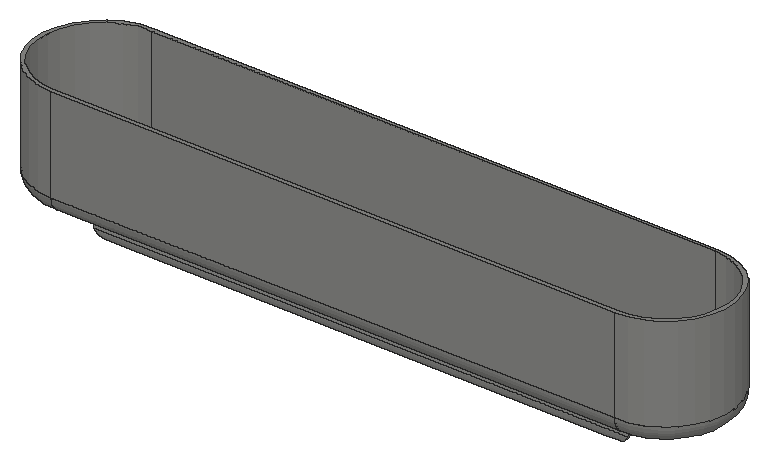
Revit family "Accessory-Storage_Tray-KOHLER-K-33464", category Specialty Equipment, host Face, Revit 2021
Family settings
  Host = Face
  Round Connector Dimension = Use Diameter
  Part Type = Normal
  OmniClass Number = 23.31.25.00
  OmniClass Title = Toilet and Bath Specialties
  Cut with Voids When Loaded = No
  Shared = No
  Room Calculation Point = No
Parameters (values of type "58-Thunder Grey")
  Width = 21 1/2"  # constant formula
  WaterSense Certified = 1 = 0  # no
  URL = "https://www.us.kohler.com/us/"
  Type = 1
  Product Page URL = "http://www.us.kohler.com/us/catalog/productDetails.jsp?productNumber=33464"
  Product Name = "Deep"  # constant formula
  Product Documentation Link = "https://www.us.kohler.com/webassets/kpna/catalog/pdf/en/K-33464_spec_US-CA_Kohler_en.pdf"
  Model = "K-33464-58"  # constant formula
  Material = "Plastic"  # constant formula
  Master Format 2014 Name = "Toilet, Bath, and Laundry Accessories"  # constant formula
  Master Format 2014 = "10 28 00"  # constant formula
  Manufacturer Address = "444 Highland Dr, Kohler, WI 53044"  # constant formula
  Manufacturer = "Kohler Co."  # constant formula
  Length = 4"  # constant formula
  Height = 4.30315"  # constant formula
  Finish = Kohler-Plastic-58-Thunder_Grey
  Environmental Product Declaration = ""
  Description = "Storage Tray"  # constant formula
  Default Elevation = 42"
  Declare Label = ""
  Date Modified = "02/28/2024"  # constant formula
  Date Created = "02/28/2024"  # constant formula
  Copyright = "Copyright Kohler Co."  # constant formula
  Contact Us = "https://www.us.kohler.com/us/static/contact.jsp"
  Assembly Code = "C1030200"
  ADA Compliant = 1 = 0  # no
Reference planes (in)
  plane 1 "Center (Front/Back)": y = 0
  plane 2: z = 0
  plane 3 "Center (Left/Right)": x = 0
  plane 4: y = 2
  plane 5: y = -2
  plane 6: x = -10.75
  plane 7: x = 10.75
  plane 8: x = -8.31299
  plane 9: x = 8.31299
  plane 10: z = 0.92126
  plane 11: z = 4.30315
  plane 12: y = 1.20079
  plane 13: y = -1.20079
  plane 14: x = -8.77041
  plane 15: x = -8.57356
Dimensions and locks (in)
  plane 12 to plane 13 = 2.40157"
  plane 14 to plane 15 = 0.19685"
  plane 4 to plane 5 = 4"
  "Width": plane 6 to plane 7
  plane 10 to plane 11 = 3.38189"
  plane 8 to plane 9 = 16.62598"
  plane 11 to plane 2 = 4.30315"
  "Height": level to plane 11
  "Length": plane 4 to plane 5
  aligned and locked: plane 2 to host face
  aligned and locked: level to host face
  aligned and locked: plane 1 "Center (Front/Back)" to nested 1
  aligned and locked: plane 3 "Center (Left/Right)" to nested 1
Automatic sketch dimensions
  host sketch curve to host sketch curve = 96"  (x2)
Nested families (in)
  nested 1: "K-33464" at (0, 0, 0), type "K-33464"
Definition of nested family "K-33464"
  Parameters
    Material = none
    Default Elevation = 0"
  Reference planes (in)
    plane 1 "Center (Front/Back)": y = 0
    plane 2: z = 0
    plane 3 "Center (Left/Right)": x = 0
    plane 4: y = 2
    plane 5: y = -2
    plane 6: z = 4.30315
    plane 7: x = 8.31299
    plane 8: x = -8.31299
    plane 9: z = 0.92126
    plane 10: x = 10.75
    plane 11: x = -10.75
    plane 12: y = -1.20079
    plane 13: y = 1.20079
    plane 14: x = -8.77041
    plane 15: x = -8.57356
  Forms (in)
    Sweep 1, solid, material <- "Material"
      path origin (0, 0, 0) x (1, 0, 0) y (0, 1, 0)
        loop
          arc (-8.74087, 1.99861) -> (-10.74194, -0.00247) -> (-8.74087, -2.00354) r 2.00107
          line (-8.74087, -2.00354) -> (8.74093, -2.00354)
          arc (8.74093, -2.00354) -> (10.742, -0.00247) -> (8.74093, 1.99861) r 2.00107
          line (8.74093, 1.99861) -> (-8.74087, 1.99861)
      profile origin (0.00003, -2.00354, 0) x (0, -1, 0) y (0, 0, 1)
        loop
          line (-0.11811, 4.30365) -> (-0.11811, 1.38211)
          arc (-0.11811, 1.38211) -> (-0.25271, 1.05716) -> (-0.57766, 0.92256) r 0.45955
          line (-0.57766, 0.92256) -> (-0.73985, 0.92256) -> (-0.73985, 0.80445) -> (-0.56353, 0.80445)
          arc (-0.56353, 0.80445) -> (-0.16505, 0.9695) -> (0, 1.36798) r 0.56353
          line (0, 1.36798) -> (0, 4.30365) -> (-0.11811, 4.30365)
    Extrusion 2, solid, material <- "Material"
      sketch origin (0, 0, 0) x (1, 0, 0) y (0, 1, 0)
        loop
          line (8.74093, 1.25876) -> (-8.74087, 1.25876)
          arc (-8.74087, 1.25876) -> (-10.00209, -0.00247) -> (-8.74087, -1.26369) r 1.26122
          line (-8.74087, -1.26369) -> (8.74093, -1.26369)
          arc (8.74093, -1.26369) -> (10.00215, -0.00247) -> (8.74093, 1.25876) r 1.26122
      from 0.80445 to 0.92256
    Extrusion 3, solid, material <- "Material", detail levels medium+fine
      sketch origin (0, 0, 0) x (0, 1, 0) y (0, 0, 1)
        loop
          arc (0.42635, 0.77541) -> (0.42855, 0.79402) -> (0.44413, 0.80445) r 0.0224
          line (0.44413, 0.80445) -> (0.30745, 0.80445)
          arc (0.30745, 0.80445) -> (0.32245, 0.79836) -> (0.33102, 0.78462) r 0.02624
          line (0.33102, 0.78462) -> (0.34464, 0.72999)
          arc (0.34464, 0.72999) -> (0.40025, 0.62343) -> (0.49831, 0.55392) r 0.25639
          arc (0.49831, 0.55392) -> (0.61858, 0.49064) -> (0.72312, 0.40382) r 0.65229
          arc (0.72312, 0.40382) -> (0.81475, 0.22692) -> (0.79229, 0.02898) r 0.34211
          line (0.79229, 0.02898) -> (0.87838, -0.00126)
          arc (0.87838, -0.00126) -> (0.90329, 0.10006) -> (0.9014, 0.20437) r 0.40351
          arc (0.9014, 0.20437) -> (0.84277, 0.38476) -> (0.72841, 0.53607) r 0.57235
          arc (0.72841, 0.53607) -> (0.66104, 0.58583) -> (0.58372, 0.61802) r 0.34718
          arc (0.58372, 0.61802) -> (0.54639, 0.63116) -> (0.51108, 0.64904) r 0.30437
          arc (0.51108, 0.64904) -> (0.46598, 0.68815) -> (0.43763, 0.74069) r 0.16606
          line (0.43763, 0.74069) -> (0.42635, 0.77541)
        loop
          line (-0.42635, 0.77541) -> (-0.43763, 0.74069)
          arc (-0.43763, 0.74069) -> (-0.46598, 0.68815) -> (-0.51108, 0.64904) r 0.16606
          arc (-0.51108, 0.64904) -> (-0.54639, 0.63116) -> (-0.58372, 0.61802) r 0.30437
          arc (-0.58372, 0.61802) -> (-0.66104, 0.58583) -> (-0.72841, 0.53607) r 0.34718
          arc (-0.72841, 0.53607) -> (-0.84277, 0.38476) -> (-0.9014, 0.20437) r 0.57235
          arc (-0.9014, 0.20437) -> (-0.90329, 0.10006) -> (-0.87838, -0.00126) r 0.40351
          line (-0.87838, -0.00126) -> (-0.79229, 0.02898)
          arc (-0.79229, 0.02898) -> (-0.81475, 0.22692) -> (-0.72312, 0.40382) r 0.34211
          arc (-0.72312, 0.40382) -> (-0.61858, 0.49064) -> (-0.49831, 0.55392) r 0.65229
          arc (-0.49831, 0.55392) -> (-0.40025, 0.62343) -> (-0.34464, 0.72999) r 0.25639
          line (-0.34464, 0.72999) -> (-0.33102, 0.78462)
          arc (-0.33102, 0.78462) -> (-0.32245, 0.79836) -> (-0.30745, 0.80445) r 0.02624
          line (-0.30745, 0.80445) -> (-0.44413, 0.80445)
          arc (-0.44413, 0.80445) -> (-0.42855, 0.79402) -> (-0.42635, 0.77541) r 0.0224
      from -8.31487 to 8.31138
    Extrusion 4, void
      sketch origin (0, 0, 0) x (1, 0, 0) y (0, 0, 1)
        loop
          line (-8.31487, 0.55392) -> (-8.51172, 0.55392) -> (-8.51172, -0.16651) -> (-7.59044, -0.16651) -> (-7.59044, -0.00126) -> (-7.96721, -0.00126)
          arc (-7.96721, -0.00126) -> (-8.21304, 0.10057) -> (-8.31487, 0.34641) r 0.34766
          line (-8.31487, 0.34641) -> (-8.31487, 0.55392)
      from -1.25876 to 1.08071
    Extrusion 5, void
      sketch origin (0, 0, 0) x (1, 0, 0) y (0, 0, 1)
        loop
          arc (8.31138, 0.34022) -> (8.21136, 0.09876) -> (7.96991, -0.00126) r 0.34147
          line (7.96991, -0.00126) -> (7.61626, -0.00126) -> (7.61626, -0.18311) -> (8.50823, -0.18311) -> (8.50823, 0.55392) -> (8.31138, 0.55392) -> (8.31138, 0.34022)
      from -1.45193 to 1.10787
    Extrusion 6, solid, material <- "Material", detail levels medium+fine
      sketch origin (0, 0, 0) x (0, 1, 0) y (0, 0, 1)
        loop
          line (0.34464, 0.72999) -> (0.33102, 0.78462)
          arc (0.33102, 0.78462) -> (0.32245, 0.79836) -> (0.30745, 0.80445) r 0.02624
          line (0.30745, 0.80445) -> (-0.30745, 0.80445)
          arc (-0.30745, 0.80445) -> (-0.32245, 0.79836) -> (-0.33102, 0.78462) r 0.02624
          line (-0.33102, 0.78462) -> (-0.34464, 0.72999)
          arc (-0.34464, 0.72999) -> (-0.40025, 0.62343) -> (-0.49831, 0.55392) r 0.25639
          line (-0.49831, 0.55392) -> (0.49831, 0.55392)
          arc (0.49831, 0.55392) -> (0.40025, 0.62343) -> (0.34464, 0.72999) r 0.25639
      from 7.04491 to 7.12564
    Extrusion 7, solid, material <- "Material", detail levels medium+fine
      sketch origin (0, 0, 0) x (0, 1, 0) y (0, 0, -1)
        loop
          arc (0.34464, -0.72999) -> (0.40025, -0.62343) -> (0.49831, -0.55392) r 0.25639
          line (0.49831, -0.55392) -> (-0.49831, -0.55392)
          arc (-0.49831, -0.55392) -> (-0.40025, -0.62343) -> (-0.34464, -0.72999) r 0.25639
          line (-0.34464, -0.72999) -> (-0.33102, -0.78462)
          arc (-0.33102, -0.78462) -> (-0.32245, -0.79836) -> (-0.30745, -0.80445) r 0.02624
          line (-0.30745, -0.80445) -> (0.30745, -0.80445)
          arc (0.30745, -0.80445) -> (0.32245, -0.79836) -> (0.33102, -0.78462) r 0.02624
          line (0.33102, -0.78462) -> (0.34464, -0.72999)
      from 7.04491 to 7.12564
    Extrusion 8, solid, material <- "Material", detail levels medium+fine
      sketch origin (0, 0, 0) x (0, 1, 0) y (0, 0, 1)
        loop
          line (0.34464, 0.72999) -> (0.33102, 0.78462)
          arc (0.33102, 0.78462) -> (0.32245, 0.79836) -> (0.30745, 0.80445) r 0.02624
          line (0.30745, 0.80445) -> (-0.30745, 0.80445)
          arc (-0.30745, 0.80445) -> (-0.32245, 0.79836) -> (-0.33102, 0.78462) r 0.02624
          line (-0.33102, 0.78462) -> (-0.34464, 0.72999)
          arc (-0.34464, 0.72999) -> (-0.40025, 0.62343) -> (-0.49831, 0.55392) r 0.25639
          line (-0.49831, 0.55392) -> (0.49831, 0.55392)
          arc (0.49831, 0.55392) -> (0.40025, 0.62343) -> (0.34464, 0.72999) r 0.25639
      from 4.68455 to 4.76356
    Extrusion 9, solid, material <- "Material", detail levels medium+fine
      sketch origin (0, 0, 0) x (0, 1, 0) y (0, 0, -1)
        loop
          arc (0.34464, -0.72999) -> (0.40025, -0.62343) -> (0.49831, -0.55392) r 0.25639
          line (0.49831, -0.55392) -> (-0.49831, -0.55392)
          arc (-0.49831, -0.55392) -> (-0.40025, -0.62343) -> (-0.34464, -0.72999) r 0.25639
          line (-0.34464, -0.72999) -> (-0.33102, -0.78462)
          arc (-0.33102, -0.78462) -> (-0.32245, -0.79836) -> (-0.30745, -0.80445) r 0.02624
          line (-0.30745, -0.80445) -> (0.30745, -0.80445)
          arc (0.30745, -0.80445) -> (0.32245, -0.79836) -> (0.33102, -0.78462) r 0.02624
          line (0.33102, -0.78462) -> (0.34464, -0.72999)
      from 4.68455 to 4.76356
    Extrusion 10, solid, material <- "Material", detail levels medium+fine
      sketch origin (0, 0, 0) x (0, 1, 0) y (0, 0, 1)
        loop
          line (0.34464, 0.72999) -> (0.33102, 0.78462)
          arc (0.33102, 0.78462) -> (0.32245, 0.79836) -> (0.30745, 0.80445) r 0.02624
          line (0.30745, 0.80445) -> (-0.30745, 0.80445)
          arc (-0.30745, 0.80445) -> (-0.32245, 0.79836) -> (-0.33102, 0.78462) r 0.02624
          line (-0.33102, 0.78462) -> (-0.34464, 0.72999)
          arc (-0.34464, 0.72999) -> (-0.40025, 0.62343) -> (-0.49831, 0.55392) r 0.25639
          line (-0.49831, 0.55392) -> (0.49831, 0.55392)
          arc (0.49831, 0.55392) -> (0.40025, 0.62343) -> (0.34464, 0.72999) r 0.25639
      from 2.32245 to 2.39909
    Extrusion 11, solid, material <- "Material", detail levels medium+fine
      sketch origin (0, 0, 0) x (0, 1, 0) y (0, 0, -1)
        loop
          arc (0.34464, -0.72999) -> (0.40025, -0.62343) -> (0.49831, -0.55392) r 0.25639
          line (0.49831, -0.55392) -> (-0.49831, -0.55392)
          arc (-0.49831, -0.55392) -> (-0.40025, -0.62343) -> (-0.34464, -0.72999) r 0.25639
          line (-0.34464, -0.72999) -> (-0.33102, -0.78462)
          arc (-0.33102, -0.78462) -> (-0.32245, -0.79836) -> (-0.30745, -0.80445) r 0.02624
          line (-0.30745, -0.80445) -> (0.30745, -0.80445)
          arc (0.30745, -0.80445) -> (0.32245, -0.79836) -> (0.33102, -0.78462) r 0.02624
          line (0.33102, -0.78462) -> (0.34464, -0.72999)
      from 2.32245 to 2.39909
    Extrusion 12, solid, material <- "Material", detail levels medium+fine
      sketch origin (0, 0, 0) x (0, 1, 0) y (0, 0, 1)
        loop
          line (0.34464, 0.72999) -> (0.33102, 0.78462)
          arc (0.33102, 0.78462) -> (0.32245, 0.79836) -> (0.30745, 0.80445) r 0.02624
          line (0.30745, 0.80445) -> (-0.30745, 0.80445)
          arc (-0.30745, 0.80445) -> (-0.32245, 0.79836) -> (-0.33102, 0.78462) r 0.02624
          line (-0.33102, 0.78462) -> (-0.34464, 0.72999)
          arc (-0.34464, 0.72999) -> (-0.40025, 0.62343) -> (-0.49831, 0.55392) r 0.25639
          line (-0.49831, 0.55392) -> (0.49831, 0.55392)
          arc (0.49831, 0.55392) -> (0.40025, 0.62343) -> (0.34464, 0.72999) r 0.25639
      from -0.03981 to 0.04138
    Extrusion 13, void
      sketch origin (0, 0, 0) x (1, 0, 0) y (0, 1, 0)
        loop
          arc (8.5925, -1.10806) -> (8.67124, -1.1868) -> (8.74998, -1.10806) r 0.07874
          line (8.74998, -1.10806) -> (8.74998, 1.1009)
          arc (8.74998, 1.1009) -> (8.67124, 1.17964) -> (8.5925, 1.1009) r 0.07874
          line (8.5925, 1.1009) -> (8.5925, -1.10806)
        loop
          line (-8.5925, -1.10806) -> (-8.5925, 1.1009)
          arc (-8.5925, 1.1009) -> (-8.67124, 1.17964) -> (-8.74998, 1.1009) r 0.07874
          line (-8.74998, 1.1009) -> (-8.74998, -1.10806)
          arc (-8.74998, -1.10806) -> (-8.67124, -1.1868) -> (-8.5925, -1.10806) r 0.07874
      from 0.34572 to 3.53475
    Extrusion 14, solid, material <- "Material", detail levels coarse
      sketch origin (0, 0, 0) x (0, 1, 0) y (0, 0, 1)
        loop
          arc (0.42635, 0.77541) -> (0.42855, 0.79402) -> (0.44413, 0.80445) r 0.0224
          line (0.44413, 0.80445) -> (0.30745, 0.80445)
          arc (0.30745, 0.80445) -> (0.32245, 0.79836) -> (0.33102, 0.78462) r 0.02624
          line (0.33102, 0.78462) -> (0.34464, 0.72999)
          arc (0.34464, 0.72999) -> (0.40025, 0.62343) -> (0.49831, 0.55392) r 0.25639
          arc (0.49831, 0.55392) -> (0.61858, 0.49064) -> (0.72312, 0.40382) r 0.65229
          arc (0.72312, 0.40382) -> (0.81475, 0.22692) -> (0.79229, 0.02898) r 0.34211
          line (0.79229, 0.02898) -> (0.87838, -0.00126)
          arc (0.87838, -0.00126) -> (0.90329, 0.10006) -> (0.9014, 0.20437) r 0.40351
          arc (0.9014, 0.20437) -> (0.84277, 0.38476) -> (0.72841, 0.53607) r 0.57235
          arc (0.72841, 0.53607) -> (0.66104, 0.58583) -> (0.58372, 0.61802) r 0.34718
          arc (0.58372, 0.61802) -> (0.54639, 0.63116) -> (0.51108, 0.64904) r 0.30437
          arc (0.51108, 0.64904) -> (0.46598, 0.68815) -> (0.43763, 0.74069) r 0.16606
          line (0.43763, 0.74069) -> (0.42635, 0.77541)
        loop
          line (-0.42635, 0.77541) -> (-0.43763, 0.74069)
          arc (-0.43763, 0.74069) -> (-0.46598, 0.68815) -> (-0.51108, 0.64904) r 0.16606
          arc (-0.51108, 0.64904) -> (-0.54639, 0.63116) -> (-0.58372, 0.61802) r 0.30437
          arc (-0.58372, 0.61802) -> (-0.66104, 0.58583) -> (-0.72841, 0.53607) r 0.34718
          arc (-0.72841, 0.53607) -> (-0.84277, 0.38476) -> (-0.9014, 0.20437) r 0.57235
          arc (-0.9014, 0.20437) -> (-0.90329, 0.10006) -> (-0.87838, -0.00126) r 0.40351
          line (-0.87838, -0.00126) -> (-0.79229, 0.02898)
          arc (-0.79229, 0.02898) -> (-0.81475, 0.22692) -> (-0.72312, 0.40382) r 0.34211
          arc (-0.72312, 0.40382) -> (-0.61858, 0.49064) -> (-0.49831, 0.55392) r 0.65229
          arc (-0.49831, 0.55392) -> (-0.40025, 0.62343) -> (-0.34464, 0.72999) r 0.25639
          line (-0.34464, 0.72999) -> (-0.33102, 0.78462)
          arc (-0.33102, 0.78462) -> (-0.32245, 0.79836) -> (-0.30745, 0.80445) r 0.02624
          line (-0.30745, 0.80445) -> (-0.44413, 0.80445)
          arc (-0.44413, 0.80445) -> (-0.42855, 0.79402) -> (-0.42635, 0.77541) r 0.0224
      from -8.31487 to 8.31138
  Cuts and joins
    Extrusion 4, Extrusion 5 cuts Extrusion 3
    Extrusion 13 cuts Extrusion 2
    joined: Sweep 1, Extrusion 2
  Lines and regions (in)
    Masking region 1
      outline origin (0, 0, 0) x (0, 1, 0) y (0, 0, 1)
        loop
          line (2, 4.30315) -> (0, 4.30315) -> (-2, 4.30315) -> (-2, 1.54724)
          arc (-2, 1.54724) -> (-1.99026, 1.44628) -> (-1.98157, 1.34523) r 9.7487
          arc (-1.98157, 1.34523) -> (-1.96265, 1.22278) -> (-1.92618, 1.10436) r 0.85263
          arc (-1.92618, 1.10436) -> (-1.86572, 1.00091) -> (-1.7762, 0.92126) r 0.38219
          arc (-1.7762, 0.92126) -> (-1.59871, 0.83901) -> (-1.40568, 0.80737) r 0.72282
          arc (-1.40568, 0.80737) -> (-1.28649, 0.80498) -> (-1.16728, 0.80418) r 8.91113
          line (-1.16728, 0.80418) -> (-0.44434, 0.80418)
          arc (-0.44434, 0.80418) -> (-0.42807, 0.79585) -> (-0.4253, 0.77778) r 0.02007
          line (-0.4253, 0.77778) -> (-0.43984, 0.73411)
          arc (-0.43984, 0.73411) -> (-0.46081, 0.69359) -> (-0.49324, 0.66148) r 0.14652
          arc (-0.49324, 0.66148) -> (-0.53129, 0.63852) -> (-0.57255, 0.62202) r 0.2739
          arc (-0.57255, 0.62202) -> (-0.85958, 0.37696) -> (-0.87811, 0) r 0.47617
          line (-0.87811, 0) -> (-0.79469, 0.02872)
          arc (-0.79469, 0.02872) -> (-0.78094, 0.33702) -> (-0.54655, 0.53775) r 0.38798
          arc (-0.54655, 0.53775) -> (-0.52249, 0.54612) -> (-0.49907, 0.55615) r 0.36209
          line (-0.49907, 0.55615) -> (0, 0.55615) -> (0.49907, 0.55615)
          arc (0.49907, 0.55615) -> (0.52249, 0.54612) -> (0.54655, 0.53775) r 0.36209
          arc (0.54655, 0.53775) -> (0.78094, 0.33702) -> (0.79469, 0.02872) r 0.38798
          line (0.79469, 0.02872) -> (0.87811, 0)
          arc (0.87811, 0) -> (0.85958, 0.37696) -> (0.57255, 0.62202) r 0.47617
          arc (0.57255, 0.62202) -> (0.53129, 0.63852) -> (0.49324, 0.66148) r 0.2739
          arc (0.49324, 0.66148) -> (0.46081, 0.69359) -> (0.43984, 0.73411) r 0.14652
          line (0.43984, 0.73411) -> (0.4253, 0.77778)
          arc (0.4253, 0.77778) -> (0.42807, 0.79585) -> (0.44434, 0.80418) r 0.02007
          line (0.44434, 0.80418) -> (1.16728, 0.80418)
          arc (1.16728, 0.80418) -> (1.28649, 0.80498) -> (1.40568, 0.80737) r 8.91113
          arc (1.40568, 0.80737) -> (1.59871, 0.83901) -> (1.7762, 0.92126) r 0.72282
          arc (1.7762, 0.92126) -> (1.86572, 1.00091) -> (1.92618, 1.10436) r 0.38219
          arc (1.92618, 1.10436) -> (1.96265, 1.22278) -> (1.98157, 1.34523) r 0.85263
          arc (1.98157, 1.34523) -> (1.99026, 1.44628) -> (2, 1.54724) r 9.7487
          line (2, 1.54724) -> (2, 4.30315)
    Masking region 2
      outline origin (0, 0, 0) x (1, 0, 0) y (0, 0, 1)
        loop
          line (-10.75, 4.30315) -> (-10.75, 1.39432)
          arc (-10.75, 1.39432) -> (-10.57703, 0.97674) -> (-10.15945, 0.80377) r 0.59055
          line (-10.15945, 0.80377) -> (-8.31299, 0.80377) -> (-8.31299, 0.33465)
          arc (-8.31299, 0.33465) -> (-8.21498, 0.09802) -> (-7.97835, 0) r 0.33465
          line (-7.97835, 0) -> (0, 0) -> (7.97835, 0)
          arc (7.97835, 0) -> (8.21498, 0.09802) -> (8.31299, 0.33465) r 0.33465
          line (8.31299, 0.33465) -> (8.31299, 0.80377) -> (10.15945, 0.80377)
          arc (10.15945, 0.80377) -> (10.57703, 0.97674) -> (10.75, 1.39432) r 0.59055
          line (10.75, 1.39432) -> (10.75, 4.30315) -> (-10.75, 4.30315)
    Masking region 3
      outline origin (0, 0, 0) x (1, 0, 0) y (0, 1, 0)
        loop
          line (8.76259, 2) -> (-8.75503, 2)
          arc (-8.75503, 2) -> (-9.72141, 1.75103) -> (-10.44719, 1.06611) r 2
          arc (-10.44719, 1.06611) -> (-10.6752, 0.55482) -> (-10.75, 0) r 1.96778
          arc (-10.75, 0) -> (-10.67434, -0.55779) -> (-10.44388, -1.07135) r 1.96811
          arc (-10.44388, -1.07135) -> (-9.7187, -1.75253) -> (-8.75503, -2) r 2
          line (-8.75503, -2) -> (8.76259, -2)
          arc (8.76259, -2) -> (9.67274, -1.7809) -> (10.38349, -1.17162) r 2
          arc (10.38349, -1.17162) -> (10.66209, -0.61564) -> (10.75, 0) r 1.93553
          arc (10.75, 0) -> (10.66875, 0.59471) -> (10.40882, 1.13574) r 1.93107
          arc (10.40882, 1.13574) -> (9.69224, 1.7708) -> (8.76259, 2) r 2
        loop
          arc (-8.77041, -1.10239) -> (-8.74233, -1.17123) -> (-8.67411, -1.20079) r 0.09843
          arc (-8.67411, -1.20079) -> (-8.60315, -1.17273) -> (-8.57356, -1.10239) r 0.09843
          line (-8.57356, -1.10239) -> (-8.57356, 1.10236)
          arc (-8.57356, 1.10236) -> (-8.60222, 1.17179) -> (-8.6715, 1.20079) r 0.09843
          arc (-8.6715, 1.20079) -> (-8.74141, 1.17213) -> (-8.77041, 1.10236) r 0.09843
          line (-8.77041, 1.10236) -> (-8.77041, -1.10239)
        loop
          line (8.77041, -1.10237) -> (8.77041, 1.10237)
          arc (8.77041, 1.10237) -> (8.74202, 1.17153) -> (8.67321, 1.20079) r 0.09843
          arc (8.67321, 1.20079) -> (8.60283, 1.1724) -> (8.57356, 1.10237) r 0.09843
          line (8.57356, 1.10237) -> (8.57356, -1.10237)
          arc (8.57356, -1.10237) -> (8.60266, -1.17223) -> (8.67275, -1.20079) r 0.09843
          arc (8.67275, -1.20079) -> (8.74186, -1.17169) -> (8.77041, -1.10237) r 0.09843
    symbolic lines, detail levels medium+fine
      curve 1: arc (0, 0.44171, 0.58991) -> (0, 0.46961, 0.57171) -> (0, 0.49907, 0.55615) r 0.36209
      curve 2: arc (0, 0.35616, 0.70626) -> (0, 0.38976, 0.64134) -> (0, 0.44171, 0.58991) r 0.23471
      curve 3: line (0, 0.34163, 0.74993) -> (0, 0.35616, 0.70626)
      curve 4: line (0, 0.34163, 0.74993) -> (0, 0.33202, 0.78579)
      curve 5: arc (0, 0.33202, 0.78579) -> (0, 0.32352, 0.79877) -> (0, 0.30898, 0.80418) r 0.02484
      curve 6: line (0, 0.30898, 0.80418) -> (0, 0, 0.80418)
      curve 7: arc (0, -0.44171, 0.58991) -> (0, -0.46961, 0.57171) -> (0, -0.49907, 0.55615) r 0.36209
      curve 8: arc (0, -0.35616, 0.70626) -> (0, -0.38976, 0.64134) -> (0, -0.44171, 0.58991) r 0.23471
      curve 9: line (0, -0.34163, 0.74993) -> (0, -0.35616, 0.70626)
      curve 10: line (0, -0.34163, 0.74993) -> (0, -0.33202, 0.78579)
      curve 11: arc (0, -0.33202, 0.78579) -> (0, -0.32352, 0.79877) -> (0, -0.30898, 0.80418) r 0.02484
      curve 12: line (0, -0.30898, 0.80418) -> (0, 0, 0.80418)
      curve 13: line (0, 0.44434, 0.80418) -> (0, 0.30898, 0.80418)
      curve 14: line (0, -0.30898, 0.80418) -> (0, -0.44434, 0.80418)
      curve 15: line (0, 2, 1.54724) -> (0, -2, 1.54724)
      curve 16: line (-10.75, 0, 1.56657) -> (10.75, 0, 1.56657)
      curve 17: line (-8.31299, 0, 0.80377) -> (8.31299, 0, 0.80377)
      curve 18: line (-8.31299, 0, 0.33465) -> (8.31299, 0, 0.33465)
      curve 19: line (-8.31299, 0, 0.60692) -> (8.31299, 0, 0.60692)
      curve 20: line (8.74975, 0, 4.30315) -> (8.74975, 0, 0.80377)
      curve 21: line (-8.74975, 0, 4.30315) -> (-8.74975, 0, 0.80377)
      curve 22: arc (-8.75503, 1.88189, 0) -> (-9.66434, 1.64763, 0) -> (-10.34726, 1.00316, 0) r 1.88189
      curve 23: arc (-10.34726, 1.00316, 0) -> (-10.56173, 0.52205, 0) -> (-10.63189, 0, 0) r 1.84967
      curve 24: arc (-10.63189, 0, 0) -> (-10.56092, -0.52485, 0) -> (-10.34415, -1.00808, 0) r 1.85
      curve 25: arc (-10.34415, -1.00808, 0) -> (-9.66179, -1.64903, 0) -> (-8.75503, -1.88189, 0) r 1.88189
      curve 26: line (8.76259, -1.88189, 0) -> (-8.75503, -1.88189, 0)
      curve 27: arc (8.76259, -1.88189, 0) -> (9.61899, -1.67573, 0) -> (10.28777, -1.10243, 0) r 1.88189
      curve 28: arc (10.28777, -1.10243, 0) -> (10.54972, -0.57925, 0) -> (10.63186, 0.00004, 0) r 1.81742
      curve 29: arc (10.63186, 0.00004, 0) -> (10.55597, 0.5596, 0) -> (10.3116, 1.06867, 0) r 1.81296
      curve 30: arc (10.3116, 1.06867, 0) -> (9.63734, 1.66623, 0) -> (8.76259, 1.88189, 0) r 1.88189
      curve 31: line (8.76259, 1.88189, 0) -> (-8.75503, 1.88189, 0)
      curve 32: line (8.76259, 1.25197, 0) -> (-8.75503, 1.25197, 0)
      curve 33: arc (-8.75503, 1.25197, 0) -> (-9.35997, 1.09612, 0) -> (-9.8143, 0.66737, 0) r 1.25197
      curve 34: arc (-9.8143, 0.66737, 0) -> (-9.95652, 0.3473, 0) -> (-10.00192, 0.00002, 0) r 1.21975
      curve 35: arc (-10.00192, 0.00002, 0) -> (-9.95598, -0.34915, 0) -> (-9.81223, -0.67065, 0) r 1.22008
      curve 36: arc (-9.81223, -0.67065, 0) -> (-9.35827, -1.09705, 0) -> (-8.75503, -1.25197, 0) r 1.25197
      curve 37: line (8.76259, -1.25197, 0) -> (-8.75503, -1.25197, 0)
      curve 38: arc (8.76259, -1.25197, 0) -> (9.33233, -1.11482, 0) -> (9.77725, -0.73341, 0) r 1.25197
      curve 39: arc (9.77725, -0.73341, 0) -> (9.95038, -0.38519, 0) -> (10.00173, 0.00029, 0) r 1.18749
      curve 40: arc (10.00173, 0.00029, 0) -> (9.95447, 0.37237, 0) -> (9.79311, 0.71096, 0) r 1.18304
      curve 41: arc (9.79311, 0.71096, 0) -> (9.34454, 1.10849, 0) -> (8.76259, 1.25197, 0) r 1.25197
      curve 42: line (-8.75503, 1.88189, 0) -> (-8.75503, 1.25197, 0)
      curve 43: line (-8.75503, -1.25197, 0) -> (-8.75503, -1.88189, 0)
      curve 44: line (8.76259, 1.25197, 0) -> (8.76259, 1.88189, 0)
      curve 45: line (8.76259, -1.25197, 0) -> (8.76259, -1.88189, 0)
  Dimensions and locks (in)
    aligned and locked: plane 2 to level
    aligned and locked: Masking region 1 sketch curve to plane 6
    aligned and locked: plane 6 to Masking region 1 sketch curve
    aligned and locked: plane 2 to Masking region 1 sketch curve  (x2)
    aligned and locked: Masking region 1 sketch curve to plane 5
    aligned and locked: Masking region 1 sketch curve to plane 4
    aligned and locked: Masking region 2 sketch curve to plane 6
    aligned and locked: Masking region 2 sketch curve to plane 11
    aligned and locked: Masking region 2 sketch curve to plane 10
    aligned and locked: Masking region 2 sketch curve to plane 2
    aligned and locked: plane 10 to Masking region 3 sketch curve
    aligned and locked: plane 11 to Masking region 3 sketch curve
    aligned and locked: Masking region 3 sketch curve to plane 4
    aligned and locked: Masking region 3 sketch curve to plane 5
    aligned and locked: Sweep 1 to Extrusion 2  (x2)
    aligned and locked: plane 13 to Masking region 3 sketch curve  (x2)
    aligned and locked: plane 12 to Masking region 3 sketch curve  (x2)
